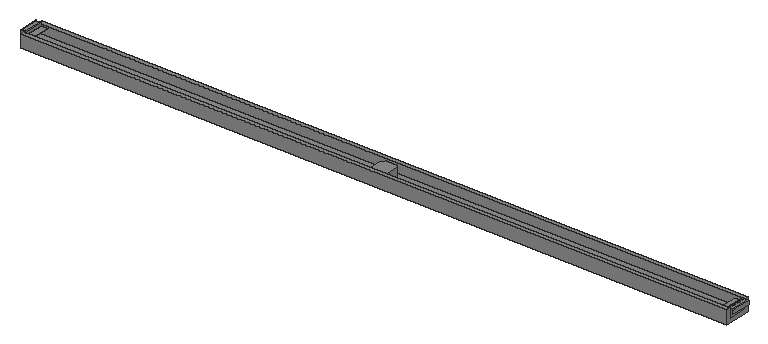
Revit family "Haworth_Pergola_Ceiling_LightTrough", category Furniture Systems, Revit 2018
Family settings
  Round Connector Dimension = Use Diameter
  Part Type = Normal
  OmniClass Number = 23.40.70.14.64.21
  OmniClass Title = Systems Furniture
  Work Plane-Based = No
  Always vertical = Yes
  Cut with Voids When Loaded = No
  Shared = No
  Room Calculation Point = No
Parameters (values of type "144w")
  Width = 144.000"
  Warranty = "http://www.haworth.com/resources/product-info/warranties"
  URL - Product = "https://www.haworth.com/na/en/inspiration/pergola.html"
  URL = "http://www.haworth.com"
  Trim Finish = Haworth _ Paint _ Undecided _ Pergola
  Sustainability Info = "http://www.haworth.com/company-info/sustainablility"
  Standard Width = "46, 48, 70, 72, 96, 120, 144 in."  # constant formula
  Model = "Haworth Pergola"  # constant formula
  Light Housing - 2 [instance] = no
  Light Housing - 1 Center [instance] = yes
  Light Housing - 1 Offset [instance] = no
  Left Light Housing [instance] = not([Light Housing - 1 Center])  # no
  Description = "Haworth - Pergola Light Trough"  # constant formula
  Actual Depth = 5.331"  # constant formula
  Size = "Verify Final Dim. w/ Haworth"  # constant formula
  Revision Number = "1"  # constant formula
  Min. Width = 46.000"  # constant formula
  Max. Width = 144.000"  # constant formula
  Manufacturer = "Haworth"  # constant formula
  Author = "Haworth (Bentzen)"  # constant formula
  Assembly Code = "E2020200"
  Actual Width = if(Width < Min. Width, Min. Width, if(Width > Max. Width, Max. Width, Width))  # 144.000"
  Actual Height = 2.623"  # constant formula
Types (7): name | Width | Actual Width
  48w | 48.000" | 48.000"
  46w | 46.000" | 46.000"
  70w | 70.000" | 70.000"
  72w | 72.000" | 72.000"
  96w | 96.000" | 96.000"
  120w | 120.000" | 120.000"
  144w | 144.000" | 144.000"
Reference planes (in)
  plane 1 "Bottom": z = 0
  plane 2 "Left": x = -33.0315
  plane 3 "Right": x = 110.9685
  plane 4 "Center (Left/Right)": x = 38.9685
  plane 5 "Back": y = 2.66535
  plane 6 "Center (Front/Back)": y = 0
  plane 7 "Front": y = -2.66535
  plane 8: z = 95.94677
  plane 9: y = 1.91535
  plane 10: y = -1.91535
  plane 11: z = 94.074
  plane 12: z = 93.324
  plane 13: z = 93.43424
  plane 14: z = 94.93424
  plane 15: x = 2.9685
  plane 16: x = 74.9685
  plane 17: x = -33.79344
  plane 18: x = 111.73045
Forms (in)
  Extrusion 1, solid, material "Haworth _ Paint _ Undecided _ Pergola" <- "Trim Finish"
    sketch origin (-33.0315, -11.98822, -3.44005) x (0, 0, 1) y (0, -1, 0)
      loop
        line (99.38682, -14.65357) -> (99.38682, -13.90357) -> (97.51405, -13.90357) -> (97.51405, -10.07286) -> (99.38682, -10.07286) -> (99.38682, -9.32286) -> (96.76405, -9.32286) -> (96.76405, -14.65357) -> (99.38682, -14.65357)
    from 0 to 144
Lines and regions (in)
  Masking region 1
    outline origin (0, 0, 0) x (1, 0, 0) y (0, 1, 0)
      loop
        line (-33.0315, 2.66535) -> (-33.0315, 1.91535) -> (-33.79344, 1.91535) -> (-33.79344, -1.91535) -> (-33.0315, -1.91535) -> (-33.0315, -2.66535) -> (110.9685, -2.66535) -> (110.9685, -1.91535) -> (111.73045, -1.91535) -> (111.73045, 1.91535) -> (110.9685, 1.91535) -> (110.9685, 2.66535) -> (-33.0315, 2.66535)
Dimensions and locks (in)
  equal spacing: plane 5 "Back", plane 6 "Center (Front/Back)", plane 7 "Front"
  plane 5 "Back" to plane 7 "Front" = 5.33071"
  equal spacing: plane 3 "Right", plane 4 "Center (Left/Right)", plane 2 "Left"
  "Actual Width": plane 3 "Right" to plane 2 "Left"
  equal spacing: plane 4 "Center (Left/Right)", plane 15, plane 2 "Left"
  equal spacing: plane 3 "Right", plane 16, plane 4 "Center (Left/Right)"
  plane 8 to plane 12 = 2.62277"
  locked: plane 3 "Right" to plane 18 at 0.76195
  locked: plane 17 to plane 2 "Left" at 0.76195
  aligned and locked: plane 11 to Extrusion 1
  aligned and locked: Extrusion 1 to plane 2 "Left"
  aligned and locked: plane 8 to Extrusion 1  (x2)
  aligned and locked: Extrusion 1 to plane 12
  aligned and locked: Extrusion 1 to plane 5 "Back"
  aligned and locked: plane 7 "Front" to Extrusion 1
  aligned and locked: Extrusion 1 to plane 10
  aligned and locked: nested 1 to plane 11
  aligned and locked: nested 1 to plane 2 "Left"
  aligned and locked: nested 1 to plane 10
  aligned and locked: nested 2 to plane 11
  aligned and locked: plane 10 to nested 2
  aligned and locked: nested 3 to plane 6 "Center (Front/Back)"
  aligned and locked: nested 4 to plane 6 "Center (Front/Back)"
  aligned and locked: nested 5 to plane 6 "Center (Front/Back)"
  aligned and locked: nested 3 to plane 11
  aligned and locked: nested 4 to plane 11
  aligned and locked: nested 5 to plane 11
  aligned and locked: plane 17 to Masking region 1
  aligned and locked: plane 10 to Masking region 1  (x2)
  aligned and locked: Masking region 1 to plane 9  (x2)
  aligned and locked: Masking region 1 to plane 2 "Left"  (x2)
  aligned and locked: plane 3 "Right" to Masking region 1  (x2)
  aligned and locked: Masking region 1 to plane 18
  aligned and locked: Masking region 1 to plane 5 "Back"
  aligned and locked: plane 7 "Front" to Masking region 1
  aligned and locked: plane 3 "Right" to Extrusion 1
  aligned and locked: plane 18 to nested 2
  aligned and locked: nested 3 to plane 15
  aligned and locked: nested 4 to plane 4 "Center (Left/Right)"
  aligned and locked: plane 16 to nested 5
Automatic sketch dimensions
  Extrusion 1 sketch curve to plane 12 = 0.000"
  Extrusion 1 sketch curve to plane 11 = 0.000"
  plane 8 to Extrusion 1 sketch curve = 0.000"  (x2)
  Extrusion 1 sketch curve to Extrusion 1 sketch curve = 0.750"  (x2)
  Extrusion 1 sketch curve to Extrusion 1 sketch curve = 3.83071"
  plane 10 to Masking region 1 sketch curve = 0.000"  (x2)
  Masking region 1 sketch curve to plane 9 = 0.000"  (x2)
  Masking region 1 sketch curve to plane 2 "Left" = 0.000"  (x2)
  plane 3 "Right" to Masking region 1 sketch curve = 0.000"  (x2)
  plane 7 "Front" to Masking region 1 sketch curve = 0.000"
  Masking region 1 sketch curve to plane 5 "Back" = 0.000"
  Masking region 1 sketch curve to plane 2 "Left" = 0.76195"
  Masking region 1 sketch curve to Masking region 1 sketch curve = 0.76195"
  plane 5 "Back" to Extrusion 1 sketch curve = 0.000"
Nested families (in)
  nested 1: "Haworth_Pergola_Ceiling_LightTrough_Bracket" at (0, 0, -2.676), type "Bracket"
  nested 2: "Haworth_Pergola_Ceiling_LightTrough_Bracket" at (77.93701, 0, -2.676) x (-1, 0, 0) z (0, 0, 1), type "Bracket"
  nested 3: "Haworth_Pergola_Ceiling_LightTrough_LightHousing" at (0, 0, -2.03624), visible <- "Left Light Housing", type "Light Housing"
  nested 4: "Haworth_Pergola_Ceiling_LightTrough_LightHousing" at (36, 0, -2.03624), visible <- "Light Housing - 1 Center", type "Light Housing"
  nested 5: "Haworth_Pergola_Ceiling_LightTrough_LightHousing" at (72, 0, -2.03624), visible <- "Light Housing - 2", type "Light Housing"
Definition of nested family "Haworth_Pergola_Ceiling_LightTrough_Bracket"
  Parameters (values of type "Bracket")
    Warranty = "http://www.haworth.com/resources/product-info/warranties"
    URL - Product = ""
    URL = "http://www.haworth.com"
    Trim Finish = none
    Sustainability Info = "http://www.haworth.com/company-info/sustainablility"
    Model = "Haworth Pergola"  # constant formula
    Description = ""
    Size = "Verify Final Dim. w/ Haworth"  # constant formula
    Revision Number = "1"  # constant formula
    Manufacturer = "Haworth"  # constant formula
    Author = "Haworth (Bentzen)"  # constant formula
    Assembly Code = "E2020200"
  Reference planes (in)
    plane 1 "Bottom": z = 0
    plane 2: y = 1.91535
    plane 3: y = -1.91535
    plane 4: y = 0
    plane 5: x = -31.14738
    plane 6: x = -32.95669
    plane 7: x = -33.79344
  Forms (in)
    Extrusion 1, solid, material <- "Trim Finish"
      sketch origin (0, 0, 0) x (0, 0, 1) y (-1, 0, 0)
        loop
          line (97.88681, 33.68872) -> (98.63681, 33.68872) -> (98.67618, 33.64935) -> (98.67618, 32.72809) -> (98.62277, 32.68872) -> (98.21398, 32.68872) -> (98.21398, 32.95669) -> (98.62277, 32.95669) -> (98.62277, 33.0315) -> (96.75, 33.0315) -> (96.75, 32.95669) -> (98.06988, 32.95669) -> (98.06988, 32.54462) -> (98.06988, 31.14738) -> (98.17461, 31.14738) -> (98.17461, 32.54461) -> (98.21398, 32.58398) -> (98.62277, 32.58398)
          arc (98.62277, 32.58398) -> (98.72974, 32.62541) -> (98.78091, 32.72809) r 0.15882
          line (98.78091, 32.72809) -> (98.78091, 33.64935)
          arc (98.78091, 33.64935) -> (98.7387, 33.75124) -> (98.63681, 33.79344) r 0.14409
          line (98.63681, 33.79344) -> (97.88681, 33.79344) -> (97.88681, 33.68872)
      from -1.91535 to 1.91535
Definition of nested family "Haworth_Pergola_Ceiling_LightTrough_LightHousing"
  Parameters (values of type "Light Housing")
    Warranty = "http://www.haworth.com/resources/product-info/warranties"
    URL - Product = ""
    URL = "http://www.haworth.com"
    Trim Finish = none
    Sustainability Info = "http://www.haworth.com/company-info/sustainablility"
    Model = "Haworth Pergola"  # constant formula
    Description = ""
    Size = "Verify Final Dim. w/ Haworth"  # constant formula
    Revision Number = "1"  # constant formula
    Manufacturer = "Haworth"  # constant formula
    Author = "Haworth (Bentzen)"  # constant formula
    Assembly Code = "E2020200"
  Reference planes (in)
    plane 1 "Bottom": z = 0
    plane 2: x = 1.1985
    plane 3: x = 4.7385
    plane 4: x = 2.9685
    plane 5: y = 1.77
    plane 6: y = -1.77
    plane 7: y = 0
  Forms (in)
    Extrusion 1, solid, material <- "Trim Finish"
      sketch origin (1.4685, 0, 0) x (1, 0, 0) y (0, 1, 0)
        loop
          line (0.44157, 1.77) -> (-0.27, 1.05843) -> (-0.27, -1.05843) -> (0.44157, -1.77) -> (2.55843, -1.77) -> (3.27, -1.05843) -> (3.27, 1.05843) -> (2.55843, 1.77) -> (0.44157, 1.77)
      from 96.11024 to 97.61024
